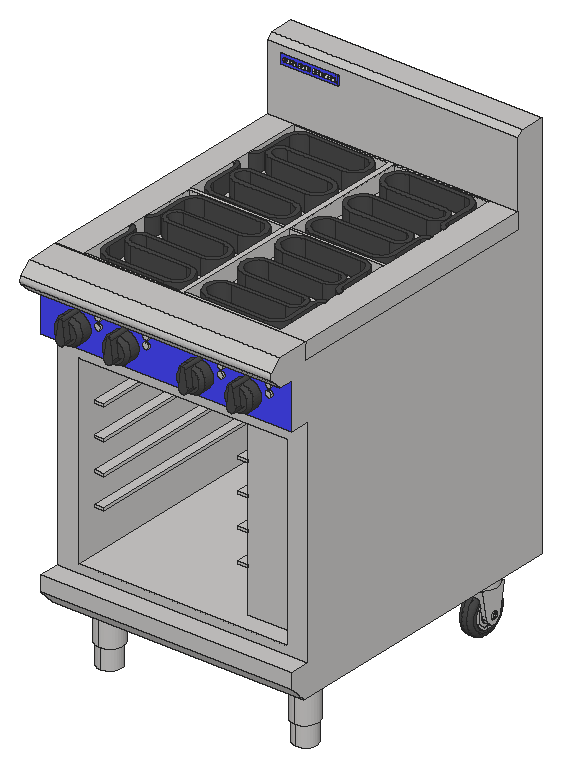
Revit family "QF_MOFFAT_BLUESEAL_CE_E514D-CB", category Specialty Equipment, Revit 2012 (continued)
Definition of nested family "ELECTRIC BURNER 600"
  Lines and regions (mm)
    symbolic lines
      curve 69: line (246.212, -120.55, 0) -> (113.612, -120.55, 0)
      curve 70: arc (113.612, -120.55, 0) -> (95.912, -102.85, 0) -> (113.612, -85.15, 0) r 17.7
      curve 71: line (113.612, -85.15, 0) -> (246.212, -85.15, 0)
      curve 72: arc (246.212, -85.15, 0) -> (283.912, -47.45, 0) -> (246.212, -9.75, 0) r 37.7
      curve 73: line (246.212, -9.75, 0) -> (113.784, -9.75, 0)
      curve 74: arc (113.784, -9.75, 0) -> (87.513, -19.649, 0) -> (75.912, -45.214, 0) r 36.722
      curve 75: line (75.912, -45.214, 0) -> (75.912, -116.493, 0)
      curve 76: arc (75.912, -116.493, 0) -> (72.972, -125.276, 0) -> (65.612, -130.9, 0) r 15.79
      curve 77: line (65.612, -130.9, 0) -> (65.612, -141.293, 0)
      curve 78: arc (65.612, -141.293, 0) -> (80.048, -132.472, 0) -> (85.912, -116.604, 0) r 25.79
      curve 79: line (85.912, -116.604, 0) -> (85.912, -45.396, 0)
      curve 80: arc (85.912, -45.396, 0) -> (94.459, -26.845, 0) -> (113.612, -19.75, 0) r 26.722
      curve 81: line (246.212, -387.65, 0) -> (114.862, -387.65, 0)
      curve 82: arc (114.862, -387.65, 0) -> (87.162, -415.35, 0) -> (114.862, -443.05, 0) r 27.7
      curve 83: line (114.862, -443.05, 0) -> (246.212, -443.05, 0)
      curve 84: arc (246.212, -443.05, 0) -> (273.912, -470.75, 0) -> (246.212, -498.45, 0) r 27.7
      curve 85: line (246.212, -498.45, 0) -> (114.862, -498.45, 0)
      curve 86: arc (114.862, -498.45, 0) -> (87.162, -526.15, 0) -> (114.862, -553.85, 0) r 27.7
      curve 87: line (114.862, -553.85, 0) -> (246.212, -553.85, 0)
      curve 88: arc (246.212, -553.85, 0) -> (273.912, -581.55, 0) -> (246.212, -609.25, 0) r 27.7
      curve 89: line (246.212, -609.25, 0) -> (113.612, -609.25, 0)
      curve 90: arc (113.612, -609.25, 0) -> (94.459, -602.155, 0) -> (85.912, -583.604, 0) r 26.722
      curve 91: line (85.912, -583.604, 0) -> (85.912, -512.396, 0)
      curve 92: arc (85.912, -512.396, 0) -> (79.848, -496.287, 0) -> (65, -487.582, 0) r 25.79
      curve 93: line (65, -487.582, 0) -> (65, -497.888, 0)
      curve 94: arc (65, -497.888, 0) -> (72.781, -503.462, 0) -> (75.912, -512.507, 0) r 15.79
      curve 95: line (75.912, -512.507, 0) -> (75.912, -583.786, 0)
      curve 96: arc (75.912, -583.786, 0) -> (87.513, -609.351, 0) -> (113.784, -619.25, 0) r 36.722
      curve 97: line (113.784, -619.25, 0) -> (246.212, -619.25, 0)
      curve 98: arc (246.212, -619.25, 0) -> (283.912, -581.55, 0) -> (246.212, -543.85, 0) r 37.7
      curve 99: line (246.212, -543.85, 0) -> (113.612, -543.85, 0)
      curve 100: arc (113.612, -543.85, 0) -> (95.912, -526.15, 0) -> (113.612, -508.45, 0) r 17.7
      curve 101: line (113.612, -508.45, 0) -> (246.212, -508.45, 0)
      curve 102: arc (246.212, -508.45, 0) -> (283.912, -470.75, 0) -> (246.212, -433.05, 0) r 37.7
      curve 103: line (246.212, -433.05, 0) -> (113.612, -433.05, 0)
      curve 104: arc (113.612, -433.05, 0) -> (95.912, -415.35, 0) -> (113.612, -397.65, 0) r 17.7
      curve 105: line (113.612, -397.65, 0) -> (246.212, -397.65, 0)
      curve 106: arc (246.212, -397.65, 0) -> (283.912, -359.95, 0) -> (246.212, -322.25, 0) r 37.7
      curve 107: line (246.212, -322.25, 0) -> (113.784, -322.25, 0)
      curve 108: arc (113.784, -322.25, 0) -> (87.513, -332.149, 0) -> (75.912, -357.714, 0) r 36.722
      curve 109: line (75.912, -357.714, 0) -> (75.912, -428.981, 0)
      curve 110: arc (75.912, -428.981, 0) -> (72.964, -437.79, 0) -> (65.612, -443.468, 0) r 15.973
      curve 111: line (65.612, -443.468, 0) -> (65.612, -453.881, 0)
      curve 112: arc (65.612, -453.881, 0) -> (80.037, -444.995, 0) -> (85.912, -429.104, 0) r 25.973
      curve 113: line (85.912, -429.104, 0) -> (85.912, -357.896, 0)
      curve 114: arc (85.912, -357.896, 0) -> (94.459, -339.345, 0) -> (113.612, -332.25, 0) r 26.722
      curve 115: line (113.612, -332.25, 0) -> (246.212, -332.25, 0)
      curve 116: arc (246.212, -332.25, 0) -> (273.912, -359.95, 0) -> (246.212, -387.65, 0) r 27.7
      curve 117: line (353.788, -397.65, 0) -> (486.388, -397.65, 0)
      curve 118: arc (486.388, -397.65, 0) -> (504.088, -415.35, 0) -> (486.388, -433.05, 0) r 17.7
      curve 119: line (486.388, -433.05, 0) -> (353.788, -433.05, 0)
      curve 120: arc (353.788, -433.05, 0) -> (316.088, -470.75, 0) -> (353.788, -508.45, 0) r 37.7
      curve 121: line (353.788, -508.45, 0) -> (486.388, -508.45, 0)
      curve 122: arc (486.388, -508.45, 0) -> (504.088, -526.15, 0) -> (486.388, -543.85, 0) r 17.7
      curve 123: line (486.388, -543.85, 0) -> (353.788, -543.85, 0)
      curve 124: arc (353.788, -543.85, 0) -> (316.088, -581.55, 0) -> (353.788, -619.25, 0) r 37.7
      curve 125: line (353.788, -619.25, 0) -> (486.216, -619.25, 0)
      curve 126: arc (486.216, -619.25, 0) -> (512.487, -609.351, 0) -> (524.088, -583.786, 0) r 36.722
      curve 127: line (524.088, -583.786, 0) -> (524.088, -512.507, 0)
      curve 128: arc (524.088, -512.507, 0) -> (527.219, -503.462, 0) -> (535, -497.888, 0) r 15.79
      curve 129: line (535, -497.888, 0) -> (535, -487.582, 0)
      curve 130: arc (535, -487.582, 0) -> (520.152, -496.287, 0) -> (514.088, -512.396, 0) r 25.79
      curve 131: line (514.088, -512.396, 0) -> (514.088, -583.604, 0)
      curve 132: arc (514.088, -583.604, 0) -> (505.541, -602.155, 0) -> (486.388, -609.25, 0) r 26.722
      curve 133: line (486.388, -609.25, 0) -> (353.788, -609.25, 0)
      curve 134: arc (353.788, -609.25, 0) -> (326.088, -581.55, 0) -> (353.788, -553.85, 0) r 27.7
      curve 135: line (353.788, -553.85, 0) -> (485.138, -553.85, 0)
      curve 136: arc (485.138, -553.85, 0) -> (512.838, -526.15, 0) -> (485.138, -498.45, 0) r 27.7
      curve 137: line (485.138, -498.45, 0) -> (353.788, -498.45, 0)
      curve 138: arc (353.788, -498.45, 0) -> (326.088, -470.75, 0) -> (353.788, -443.05, 0) r 27.7
      curve 139: line (353.788, -443.05, 0) -> (485.138, -443.05, 0)
      curve 140: arc (485.138, -443.05, 0) -> (512.838, -415.35, 0) -> (485.138, -387.65, 0) r 27.7
      curve 141: line (485.138, -387.65, 0) -> (353.788, -387.65, 0)
      curve 142: arc (353.788, -387.65, 0) -> (326.088, -359.95, 0) -> (353.788, -332.25, 0) r 27.7
      curve 143: line (353.788, -332.25, 0) -> (486.388, -332.25, 0)
      curve 144: arc (486.388, -332.25, 0) -> (505.541, -339.345, 0) -> (514.088, -357.896, 0) r 26.722
      curve 145: line (514.088, -357.896, 0) -> (514.088, -429.104, 0)
      curve 146: arc (514.088, -429.104, 0) -> (519.963, -444.995, 0) -> (534.388, -453.881, 0) r 25.973
      curve 147: line (534.388, -453.881, 0) -> (534.388, -443.468, 0)
      curve 148: arc (534.388, -443.468, 0) -> (527.036, -437.79, 0) -> (524.088, -428.981, 0) r 15.973
      curve 149: line (524.088, -428.981, 0) -> (524.088, -357.714, 0)
      curve 150: arc (524.088, -357.714, 0) -> (512.487, -332.149, 0) -> (486.216, -322.25, 0) r 36.722
      curve 151: line (486.216, -322.25, 0) -> (353.788, -322.25, 0)
      curve 152: arc (353.788, -322.25, 0) -> (316.088, -359.95, 0) -> (353.788, -397.65, 0) r 37.7
      curve 153: line (0, 0, 0) -> (0, -635, 0)
      curve 154: line (0, -635, 0) -> (600, -635, 0)
      curve 155: line (600, -635, 0) -> (600, 0, 0)
      curve 156: line (600, 0, 0) -> (0, 0, 0)
      curve 157: line (65.8, -320.251, 0) -> (294.362, -320.251, 0)
      curve 158: line (294.362, -320.251, 0) -> (294.362, -630, 0)
      curve 159: line (294.362, -630, 0) -> (65.8, -630, 0)
      curve 160: line (65.8, -630, 0) -> (65.8, -320.251, 0)
      curve 161: line (305.638, -320.251, 0) -> (534.388, -320.251, 0)
      curve 162: line (534.388, -320.251, 0) -> (534.388, -630, 0)
      curve 163: line (534.388, -630, 0) -> (305.638, -630, 0)
      curve 164: line (305.638, -630, 0) -> (305.638, -320.251, 0)
      curve 165: line (305.638, -312.651, 0) -> (305.638, -5, 0)
      curve 166: line (305.638, -5, 0) -> (534.388, -5, 0)
      curve 167: line (534.388, -5, 0) -> (534.388, -312.651, 0)
      curve 168: line (534.388, -312.651, 0) -> (305.638, -312.651, 0)
      curve 169: line (65.8, -312.651, 0) -> (65.8, -5, 0)
      curve 170: line (65.8, -5, 0) -> (294.362, -5, 0)
      curve 171: line (294.362, -5, 0) -> (294.362, -312.651, 0)
      curve 172: line (294.362, -312.651, 0) -> (65.8, -312.651, 0)
  Dimensions and locks
    equal spacing: plane 3 "LEFT", plane 7 "Center Y", plane 4 "RIGHT"
    plane 3 "LEFT" to plane 4 "RIGHT" = 600.00 mm
    equal spacing: plane 5 "FRONT", plane 8 "Center X", plane 1 "BACK"
    plane 5 "FRONT" to plane 1 "BACK" = 635.00 mm
    aligned and locked: level to plane 2
  Automatic sketch dimensions
    Extrusion 2 sketch curve to Extrusion 2 sketch curve = 0.00 mm  (x72)
    plane 1 "BACK" to Extrusion 2 sketch curve = 9.75 mm  (x2)
    Extrusion 2 sketch curve to Extrusion 2 sketch curve = 10.00 mm  (x4)
    plane 1 "BACK" to Extrusion 2 sketch curve = 45.214 mm  (x2)
    Extrusion 2 sketch curve to Extrusion 2 sketch curve = 0.182 mm  (x8)
    Extrusion 2 sketch curve to Extrusion 2 sketch curve = 1.058 mm  (x6)
    Extrusion 2 sketch curve to Extrusion 2 sketch curve = 26.704 mm  (x6)
    Extrusion 2 sketch curve to Extrusion 2 sketch curve = 27.70 mm  (x14)
    Extrusion 2 sketch curve to Extrusion 2 sketch curve = 17.70 mm  (x8)
    Extrusion 2 sketch curve to Extrusion 2 sketch curve = 4.457 mm  (x2)
    Extrusion 2 sketch curve to Extrusion 2 sketch curve = 0.40 mm  (x2)
    Extrusion 2 sketch curve to Extrusion 2 sketch curve = 0.111 mm  (x4)
    Extrusion 2 sketch curve to Extrusion 2 sketch curve = 14.806 mm  (x2)
    Extrusion 2 sketch curve to Extrusion 2 sketch curve = 10.393 mm  (x2)
    Extrusion 2 sketch curve to Extrusion 2 sketch curve = 33.826 mm  (x2)
    Extrusion 2 sketch curve to Extrusion 2 sketch curve = 10.413 mm  (x4)
    Extrusion 2 sketch curve to Extrusion 2 sketch curve = 14.364 mm  (x2)
    Extrusion 2 sketch curve to Extrusion 2 sketch curve = 0.123 mm  (x4)
    Extrusion 2 sketch curve to Extrusion 2 sketch curve = 0.447 mm  (x4)
    Extrusion 2 sketch curve to plane 8 "Center X" = 4.75 mm  (x2)
    Extrusion 2 sketch curve to plane 8 "Center X" = 40.214 mm  (x2)
    Extrusion 2 sketch curve to Extrusion 2 sketch curve = 4.516 mm  (x2)
    Extrusion 2 sketch curve to Extrusion 2 sketch curve = 14.934 mm  (x2)
    Extrusion 2 sketch curve to Extrusion 2 sketch curve = 33.70 mm  (x2)
    Extrusion 2 sketch curve to Extrusion 2 sketch curve = 10.306 mm  (x2)
    Extrusion 2 sketch curve to Extrusion 2 sketch curve = 14.508 mm  (x2)
    Extrusion 2 sketch curve to Extrusion 2 sketch curve = 15.019 mm  (x2)
    plane 3 "LEFT" to Extrusion 2 sketch curve = 59.946 mm  (x2)
    plane 3 "LEFT" to Extrusion 2 sketch curve = 60.128 mm  (x2)
    Extrusion 2 sketch curve to Extrusion 2 sketch curve = 4.872 mm
    Extrusion 2 sketch curve to Extrusion 2 sketch curve = 5.667 mm  (x2)
    Extrusion 2 sketch curve to Extrusion 2 sketch curve = 5.484 mm
    Extrusion 2 sketch curve to Extrusion 2 sketch curve = 26.701 mm  (x4)
    Extrusion 2 sketch curve to Extrusion 2 sketch curve = 0.999 mm  (x6)
    Extrusion 2 sketch curve to Extrusion 2 sketch curve = 0.156 mm  (x2)
    Extrusion 2 sketch curve to Extrusion 2 sketch curve = 0.625 mm  (x2)
    Extrusion 2 sketch curve to Extrusion 2 sketch curve = 1.25 mm  (x4)
    Extrusion 2 sketch curve to plane 7 "Center Y" = 53.788 mm  (x3)
    plane 7 "Center Y" to Extrusion 2 sketch curve = 53.788 mm  (x3)
    plane 4 "RIGHT" to Extrusion 2 sketch curve = 114.862 mm
    plane 4 "RIGHT" to Extrusion 2 sketch curve = 114.237 mm
    Extrusion 2 sketch curve to Extrusion 2 sketch curve = 1.078 mm
    plane 4 "RIGHT" to Extrusion 2 sketch curve = 113.784 mm
    Extrusion 2 sketch curve to Extrusion 2 sketch curve = 0.453 mm
    Extrusion 2 sketch curve to Extrusion 2 sketch curve = 0.016 mm
    Extrusion 2 sketch curve to Extrusion 2 sketch curve = 0.172 mm  (x4)
    curve 1 to plane 4 "RIGHT" = 0.00 mm
    curve 1 to plane 3 "LEFT" = 0.00 mm
    plane 5 "FRONT" to curve 1 = 0.00 mm
    plane 3 "LEFT" to curve 3 = 65.80 mm
    curve 5 to plane 5 "FRONT" = 0.299 mm
    curve 5 to plane 7 "Center Y" = 5.638 mm
    plane 7 "Center Y" to curve 5 = 5.638 mm
    curve 7 to plane 8 "Center X" = 2.751 mm
    plane 4 "RIGHT" to curve 7 = 65.612 mm
    curve 4 to plane 8 "Center X" = 2.751 mm
    curve 10 to curve 16 = 0.00 mm  (x2)
    curve 12 to curve 14 = 0.00 mm  (x2)
    curve 18 to curve 44 = 0.00 mm  (x2)
    curve 22 to curve 40 = 0.00 mm  (x2)
    curve 26 to curve 36 = 0.00 mm  (x2)
    curve 30 to curve 32 = 0.00 mm  (x2)
    plane 7 "Center Y" to curve 44 = 53.788 mm
    curve 40 to curve 18 = 0.00 mm
    curve 37 to curve 23 = 0.00 mm
    plane 4 "RIGHT" to curve 39 = 114.237 mm
    plane 8 "Center X" to curve 28 = 10.75 mm
    plane 1 "BACK" to curve 17 = 9.75 mm
    curve 16 to curve 42 = 0.016 mm
    curve 41 to curve 21 = 0.156 mm
    curve 27 to curve 35 = 0.172 mm
    curve 39 to curve 23 = 0.625 mm
    curve 16 to curve 10 = 0.172 mm
    curve 9 to curve 10 = 0.999 mm
    curve 34 to curve 28 = 0.999 mm
    curve 10 to curve 10 = 26.701 mm
    curve 23 to curve 33 = 27.70 mm
    curve 11 to curve 14 = 10.00 mm
    curve 33 to curve 30 = 10.00 mm
    curve 15 to curve 14 = 10.30 mm
    curve 29 to curve 31 = 10.30 mm
    curve 15 to curve 14 = 15.784 mm
    curve 29 to curve 32 = 15.967 mm
    curve 27 to curve 36 = 10.00 mm
    curve 35 to curve 36 = 27.70 mm
    curve 25 to curve 38 = 17.70 mm
    curve 38 to curve 24 = 0.00 mm
    curve 30 to curve 23 = 4.516 mm
    curve 30 to curve 30 = 0.447 mm
    curve 29 to curve 32 = 0.123 mm
    curve 39 to curve 40 = 27.70 mm
    curve 32 to curve 13 = 33.826 mm
    curve 12 to curve 14 = 10.393 mm
    curve 13 to curve 12 = 14.296 mm
    curve 20 to curve 20 = 17.70 mm
    curve 42 to curve 20 = 0.00 mm
    curve 16 to curve 9 = 26.704 mm
    curve 46 to curve 72 = 0.00 mm  (x2)
    curve 50 to curve 68 = 0.00 mm  (x2)
    curve 54 to curve 64 = 0.00 mm  (x2)
    curve 56 to curve 62 = 0.00 mm  (x2)
    curve 58 to curve 60 = 0.00 mm  (x2)
    curve 74 to curve 80 = 0.00 mm  (x2)
    curve 76 to curve 78 = 0.00 mm  (x2)
    plane 3 "LEFT" to curve 58 = 59.946 mm
    plane 3 "LEFT" to curve 78 = 60.128 mm
    curve 76 to curve 77 = 5.484 mm
    curve 58 to curve 60 = 5.667 mm
    curve 58 to curve 60 = 15.967 mm
    curve 60 to curve 58 = 10.00 mm
    curve 75 to curve 80 = 10.00 mm
    curve 79 to curve 80 = 26.701 mm
    curve 57 to curve 62 = 26.701 mm
    curve 57 to curve 66 = 27.70 mm
    curve 79 to curve 69 = 27.70 mm
    curve 56 to curve 56 = 0.999 mm
    curve 74 to curve 45 = 0.999 mm
    curve 70 to curve 49 = 0.156 mm
    curve 80 to curve 73 = 0.172 mm
    curve 55 to curve 63 = 0.172 mm
    curve 66 to curve 52 = 0.625 mm
    curve 64 to plane 7 "Center Y" = 53.788 mm
    curve 51 to curve 64 = 0.00 mm
    plane 1 "BACK" to curve 73 = 9.75 mm
    plane 8 "Center X" to curve 63 = 10.75 mm
    curve 62 to curve 55 = 10.00 mm
    curve 54 to curve 64 = 27.70 mm
    curve 65 to curve 52 = 17.70 mm
    curve 66 to curve 52 = 0.00 mm
    curve 58 to curve 66 = 4.516 mm
    curve 58 to curve 60 = 0.447 mm
    curve 60 to curve 58 = 0.123 mm
    curve 50 to curve 68 = 27.70 mm
    curve 58 to curve 77 = 33.826 mm
    curve 77 to curve 76 = 10.393 mm
    curve 76 to curve 78 = 14.296 mm
    curve 69 to curve 70 = 17.70 mm
    curve 70 to curve 48 = 0.00 mm
    curve 74 to curve 80 = 26.704 mm
    curve 84 to curve 102 = 0.00 mm  (x2)
    curve 88 to curve 98 = 0.00 mm  (x2)
    curve 90 to curve 96 = 0.00 mm  (x2)
    curve 92 to curve 94 = 0.00 mm  (x2)
    curve 106 to curve 116 = 0.00 mm  (x2)
    curve 108 to curve 114 = 0.00 mm  (x2)
    curve 110 to curve 112 = 0.00 mm  (x2)
    plane 3 "LEFT" to curve 110 = 59.946 mm
    plane 3 "LEFT" to curve 92 = 60.128 mm
    curve 92 to curve 92 = 4.872 mm
    curve 110 to curve 112 = 5.667 mm
    curve 2 to curve 96 = 10.112 mm
    curve 3 to curve 108 = 10.112 mm
    curve 110 to curve 112 = 10.00 mm
    curve 94 to curve 91 = 10.00 mm
    curve 91 to curve 96 = 26.701 mm
    curve 113 to curve 108 = 26.701 mm
    curve 90 to curve 90 = 0.999 mm
    curve 90 to curve 99 = 0.999 mm
    curve 112 to curve 103 = 27.70 mm
    curve 114 to plane 8 "Center X" = 14.75 mm
    curve 114 to curve 62 = 0.172 mm
    curve 115 to curve 108 = 0.172 mm
    curve 90 to curve 97 = 0.172 mm
    curve 104 to curve 82 = 1.25 mm
    curve 100 to curve 87 = 1.25 mm
    curve 85 to plane 7 "Center Y" = 53.788 mm
    curve 89 to plane 5 "FRONT" = 25.75 mm
    curve 89 to plane 7 "Center Y" = 53.788 mm
    curve 105 to curve 103 = 0.00 mm
    curve 97 to curve 90 = 10.00 mm
    curve 89 to curve 95 = 25.464 mm
    curve 89 to curve 88 = 27.70 mm
    curve 100 to curve 86 = 17.70 mm
    curve 100 to curve 86 = 0.00 mm
    curve 92 to curve 100 = 4.457 mm
    curve 92 to curve 94 = 0.40 mm
    curve 94 to curve 92 = 0.111 mm
    curve 84 to curve 84 = 27.70 mm
    curve 93 to curve 111 = 33.70 mm
    curve 112 to curve 110 = 10.413 mm
    curve 110 to curve 113 = 14.364 mm
    curve 103 to curve 104 = 17.70 mm
    curve 104 to curve 82 = 0.00 mm
    curve 108 to curve 114 = 26.704 mm
    curve 120 to curve 138 = 0.00 mm  (x2)
    curve 124 to curve 134 = 0.00 mm  (x2)
    curve 126 to curve 132 = 0.00 mm  (x2)
    curve 128 to curve 130 = 0.00 mm  (x2)
    curve 142 to curve 152 = 0.00 mm  (x2)
    curve 144 to curve 150 = 0.00 mm  (x2)
    curve 146 to curve 148 = 0.00 mm  (x2)
    plane 7 "Center Y" to curve 141 = 53.788 mm
    curve 139 to curve 117 = 0.00 mm
    curve 135 to curve 120 = 0.00 mm
    plane 4 "RIGHT" to curve 136 = 114.862 mm
    curve 139 to curve 136 = 0.00 mm
    curve 151 to plane 8 "Center X" = 4.75 mm
    curve 151 to curve 28 = 0.00 mm
    curve 126 to plane 5 "FRONT" = 15.75 mm
    curve 126 to curve 7 = 48.172 mm
    curve 126 to curve 132 = 0.172 mm
    curve 141 to curve 117 = 1.25 mm
    curve 151 to curve 143 = 0.172 mm
    curve 135 to curve 123 = 1.25 mm
    curve 144 to curve 144 = 0.999 mm
    curve 133 to curve 126 = 0.999 mm
    curve 144 to curve 144 = 26.701 mm
    curve 126 to curve 132 = 26.701 mm
    curve 130 to curve 128 = 10.00 mm
    curve 146 to curve 148 = 10.00 mm
    curve 148 to curve 148 = 10.30 mm
    curve 127 to curve 129 = 10.912 mm
    curve 127 to curve 128 = 15.784 mm
    curve 147 to curve 146 = 5.667 mm
    curve 126 to curve 133 = 10.00 mm
    curve 132 to curve 127 = 25.464 mm
    curve 133 to curve 124 = 27.70 mm
    curve 123 to curve 122 = 17.70 mm
    curve 136 to curve 122 = 0.00 mm
    curve 128 to curve 121 = 4.457 mm
    curve 128 to curve 127 = 0.40 mm
    curve 128 to curve 130 = 0.111 mm
    curve 137 to curve 120 = 27.70 mm
    curve 130 to curve 146 = 33.70 mm
    curve 147 to curve 147 = 10.413 mm
    curve 147 to curve 146 = 14.364 mm
    curve 119 to curve 118 = 17.70 mm
    curve 140 to curve 118 = 0.00 mm
    curve 144 to curve 143 = 26.704 mm
    plane 1 "BACK" to Extrusion 1 sketch curve = 0.00 mm
    Extrusion 1 sketch curve to plane 9 = 0.00 mm  (x2)
    Extrusion 1 sketch curve to plane 3 "LEFT" = 0.00 mm
    plane 5 "FRONT" to Extrusion 1 sketch curve = 0.00 mm
    Extrusion 1 sketch curve to plane 4 "RIGHT" = 0.00 mm
    plane 1 "BACK" to Extrusion 1 sketch curve = 5.00 mm  (x2)
    plane 8 "Center X" to Extrusion 1 sketch curve = 4.849 mm  (x2)
    Extrusion 1 sketch curve to plane 8 "Center X" = 2.751 mm  (x2)
    Extrusion 1 sketch curve to plane 5 "FRONT" = 5.00 mm  (x2)
    Extrusion 1 sketch curve to plane 7 "Center Y" = 5.638 mm  (x2)
    plane 7 "Center Y" to Extrusion 1 sketch curve = 5.638 mm  (x2)
    plane 4 "RIGHT" to Extrusion 1 sketch curve = 65.612 mm  (x2)
    plane 7 "Center Y" to curve 6 = 5.638 mm
    curve 4 to plane 7 "Center Y" = 5.638 mm
    curve 28 to curve 34 = 0.00 mm  (x2)
    curve 76 to curve 75 = 15.784 mm
    curve 45 to plane 7 "Center Y" = 53.788 mm
    curve 151 to curve 6 = 48.172 mm
    plane 4 "RIGHT" to curve 17 = 113.784 mm
    curve 55 to curve 62 = 25.464 mm
    curve 34 to curve 29 = 25.464 mm
    plane 1 "BACK" to curve 155 = 0.00 mm
    curve 159 to plane 5 "FRONT" = 5.00 mm
    curve 162 to plane 5 "FRONT" = 5.00 mm
    plane 7 "Center Y" to curve 166 = 5.638 mm
    curve 168 to curve 6 = 0.00 mm
    plane 8 "Center X" to curve 167 = 4.849 mm
    plane 1 "BACK" to curve 165 = 5.00 mm
    curve 172 to curve 3 = 0.00 mm
    curve 171 to plane 7 "Center Y" = 5.638 mm
    plane 8 "Center X" to curve 169 = 4.849 mm
    plane 1 "BACK" to curve 171 = 5.00 mm
Definition of nested family "WALDORF LOGO_FACE BASE"
  Parameters (values of type "WALDORF LOGO_FACE BASE")
    Show Logo [instance] = yes
    Default Elevation = 1219.20 mm
  Reference planes
    plane 1 "Center (Front/Back)": y = 0
    plane 2: z = 0
    plane 3 "Center (Left/Right)": x = 0
  Forms (mm)
    Extrusion 1, solid
      sketch origin (0, 0, 0) x (1, 0, 0) y (0, 1, 0)
        loop
          line (-1219.2, 1219.2) -> (-1219.2, -1219.2) -> (1219.2, -1219.2) -> (1219.2, 1219.2) -> (-1219.2, 1219.2)
      from 0 to -304.8
    Extrusion 2, solid, material "QF_Finishes_Blue", visible <- "Show Logo"
      sketch origin (0, -33.217, 0) x (1, 0, 0) y (0, 1, 0)
        loop
          arc (138, 31.942) -> (137.626, 32.844) -> (136.724, 33.217) r 1.276
          line (136.724, 33.217) -> (1.29, 33.217)
          arc (1.29, 33.217) -> (0.378, 32.839) -> (0, 31.927) r 1.29
          line (0, 31.927) -> (0, 11.507)
          arc (0, 11.507) -> (0.378, 10.595) -> (1.29, 10.217) r 1.29
          line (1.29, 10.217) -> (136.71, 10.217)
          arc (136.71, 10.217) -> (137.622, 10.595) -> (138, 11.507) r 1.29
          line (138, 11.507) -> (138, 31.942)
      from 0 to 1.588
    Extrusion 3, solid, material "QF_Finishes_White", visible <- "Show Logo"
      sketch origin (0, -33.217, 1.588) x (1, 0, 0) y (0, 1, 0)
        loop
          arc (108.946, 25.919) -> (107.613, 25.367) -> (107.061, 24.034) r 1.885
          line (107.061, 24.034) -> (107.061, 17.211) -> (112.704, 17.211) -> (112.704, 19.129) -> (115.546, 19.129) -> (115.546, 17.211) -> (121.584, 17.211) -> (121.584, 24.075)
          arc (121.584, 24.075) -> (121.043, 25.379) -> (119.739, 25.919) r 1.845
          line (119.739, 25.919) -> (108.946, 25.919)
        loop
          line (123.478, 25.919) -> (123.478, 17.163) -> (134.904, 17.163) -> (134.904, 19.129) -> (129.246, 19.129) -> (129.246, 25.919) -> (123.478, 25.919)
        loop
          line (112.704, 21.258) -> (115.546, 21.258) -> (115.546, 22.702)
          arc (115.546, 22.702) -> (115.344, 23.188) -> (114.858, 23.389) r 0.687
          line (114.858, 23.389) -> (113.363, 23.389)
          arc (113.363, 23.389) -> (112.897, 23.196) -> (112.704, 22.73) r 0.658
          line (112.704, 22.73) -> (112.704, 21.258)
        loop
          line (105.071, 25.919) -> (93.771, 25.919) -> (93.771, 17.163) -> (105.071, 17.163) -> (105.071, 19.063) -> (99.535, 19.063) -> (99.535, 20.437) -> (105.071, 20.437) -> (105.071, 22.278) -> (99.535, 22.278) -> (99.535, 23.587) -> (105.071, 23.587) -> (105.071, 25.919)
        loop
          line (91.104, 25.919) -> (79.541, 25.919)
          arc (79.541, 25.919) -> (78.558, 25.513) -> (78.152, 24.53) r 1.389
          line (78.152, 24.53) -> (78.152, 22.08)
          arc (78.152, 22.08) -> (78.558, 21.098) -> (79.541, 20.691) r 1.389
          line (79.541, 20.691) -> (86.346, 20.691) -> (86.346, 18.864) -> (83.266, 18.864) -> (83.266, 19.664) -> (78.152, 19.664) -> (78.152, 18.553)
          arc (78.152, 18.553) -> (78.558, 17.57) -> (79.541, 17.163) r 1.389
          line (79.541, 17.163) -> (91.063, 17.163)
          arc (91.063, 17.163) -> (92.045, 17.57) -> (92.452, 18.553) r 1.389
          line (92.452, 18.553) -> (92.452, 20.691)
          arc (92.452, 20.691) -> (92.045, 21.673) -> (91.063, 22.08) r 1.389
          line (91.063, 22.08) -> (83.266, 22.08) -> (83.266, 23.984) -> (86.346, 23.984) -> (86.346, 22.743) -> (92.452, 22.743) -> (92.452, 24.571)
          arc (92.452, 24.571) -> (92.057, 25.524) -> (91.104, 25.919) r 1.348
        loop
          line (70.705, 25.919) -> (59.405, 25.919) -> (59.405, 17.163) -> (70.705, 17.163) -> (70.705, 19.063) -> (65.169, 19.063) -> (65.169, 20.437) -> (70.705, 20.437) -> (70.705, 22.278) -> (65.169, 22.278) -> (65.169, 23.587) -> (70.705, 23.587) -> (70.705, 25.919)
        loop
          line (57.598, 25.919) -> (51.7, 25.919) -> (51.7, 20.18)
          arc (51.7, 20.18) -> (50.63, 19.11) -> (49.56, 20.18) r 1.07
          line (49.56, 20.18) -> (49.56, 25.919) -> (43.663, 25.919) -> (43.663, 19.049)
          arc (43.663, 19.049) -> (44.215, 17.716) -> (45.548, 17.163) r 1.885
          line (45.548, 17.163) -> (55.71, 17.163)
          arc (55.71, 17.163) -> (57.045, 17.716) -> (57.598, 19.051) r 1.887
          line (57.598, 19.051) -> (57.598, 25.919)
        loop
          line (31.62, 25.919) -> (31.62, 17.163) -> (43.046, 17.163) -> (43.046, 19.129) -> (37.388, 19.129) -> (37.388, 25.919) -> (31.62, 25.919)
        loop
          line (15.969, 25.919) -> (15.969, 17.163) -> (28.693, 17.163)
          arc (28.693, 17.163) -> (29.812, 17.627) -> (30.276, 18.746) r 1.582
          line (30.276, 18.746) -> (30.276, 20.447) -> (29.48, 21.243) -> (30.276, 22.039) -> (30.276, 24.332)
          arc (30.276, 24.332) -> (29.811, 25.454) -> (28.688, 25.919) r 1.587
          line (28.688, 25.919) -> (15.969, 25.919)
        loop
          line (21.449, 24.159) -> (21.449, 22.436) -> (23.862, 22.436)
          arc (23.862, 22.436) -> (24.723, 23.298) -> (23.862, 24.159) r 0.861
          line (23.862, 24.159) -> (21.449, 24.159)
        loop
          line (21.449, 20.244) -> (21.449, 18.522) -> (23.862, 18.522)
          arc (23.862, 18.522) -> (24.723, 19.383) -> (23.862, 20.244) r 0.861
          line (23.862, 20.244) -> (21.449, 20.244)
      from 0 to 0.2
    Extrusion 4, solid, material "QF_Finishes_Blue", visible <- "Show Logo"
      sketch origin (-126.498, -31.09, 1.588) x (1, 0, 0) y (0, 1, 0)
        loop
          line (136.738, 23.522) -> (136.738, 15.1)
          arc (136.738, 15.1) -> (140.756, 19.311) -> (136.738, 23.522) r 4.216
      from 0 to 0.2
    Extrusion 5, solid, material "QF_Finishes_Red", visible <- "Show Logo"
      sketch origin (146.849, -31.09, 1.588) x (-1, 0, 0) y (0, -1, 0)
        loop
          arc (136.738, -23.522) -> (140.756, -19.311) -> (136.738, -15.1) r 4.216
          line (136.738, -15.1) -> (136.738, -23.522)
      from 0 to 0.2
  Lines and regions (mm)
    Split face 1
      outline origin (-90.35, -30.793, 1.588) x (1, 0, 0) y (0, 1, 0)
        loop
          circle (100.54, 19.013) r 4.536
  Dimensions and locks
    aligned and locked: plane 2 to Extrusion 1
    aligned and locked: level to Extrusion 1
